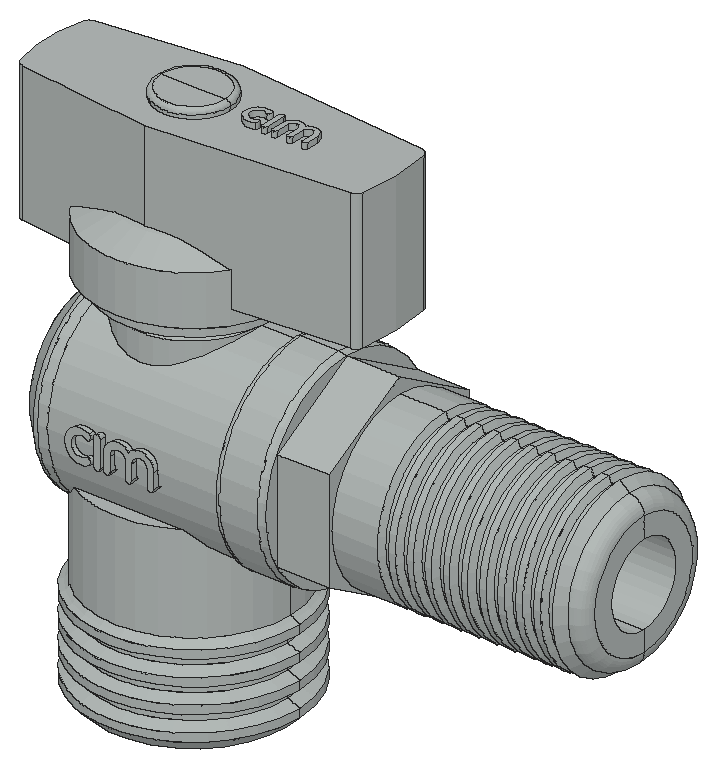
Revit family "QL20202099", category Apparecchi idraulici, Revit 2020
Family settings
  Quota connettore circolare = Usa diametro
  Tipo di parte = Normale
  Numero OmniClass = 23.45.00.00
  Titolo OmniClass = Sanitary, Laundry, and Cleaning Equipment
  Basato su piano di lavoro = No
  Sempre verticale = Sì
  Taglio con vuoti quando caricato = No
  Condiviso = No
  Punto di calcolo locali = No
Parameters
  URL = "https://web.cimberio.com/index.php/figura/461?subcategoria_id="
  Temperatura di esercizio = "-10 ÷ 90°C"
  Prospetto di default = 0 mm
  Produttore = "CIMBERIO SPA"
  Pressione nominale = "PN 16"
  Modello = "Cim 39L"
  Materiale = "Prodotto in lega di ottone conforme alla norma EN 12165-CW617N-DW"
  Descrizione = "Utilizzato per impianti idrici ed igienico-sanitari"
  DN [instance] = 10 mm
  Commenti sul tipo = "Realizzato in ottemperanza ai requisiti gestionali della norma EN ISO 9001.\r\nCollaudato al 100% secondo la normativa EN 12266-1"
Reference planes
  plane 1 "Centro (Fronte/Retro)": y = 0
  plane 2: z = 0
  plane 3 "Centro (Sinistra/Destra)": x = 0
Forms (mm)
  Revolve 1, solid, material "Cim_Lega di ottone"
    sketch origin (0, 0, 0) x (1, 0, 0) y (0, 0, 1)
      loop
        line (-13, 0) -> (-9.586, 0) -> (-9.586, 5) -> (12.5, 5) -> (12.5, 12) -> (-8.4, 12) -> (-9.586, 12)
        arc (-9.586, 12) -> (-9.968, 11.924) -> (-10.293, 11.707) r 1
        line (-10.293, 11.707) -> (-12.707, 9.293)
        arc (-12.707, 9.293) -> (-12.924, 8.968) -> (-13, 8.586) r 1
        line (-13, 8.586) -> (-13, 0)
      axis (-13, 0) -> (12.5, 0)
    angle from 0 to 360
  Revolve 2, solid, material "Cim_Lega di ottone"
    sketch origin (0, 0, 0) x (1, 0, 0) y (0, 0, 1)
      loop
        line (12.5, 5) -> (18.8, 5) -> (18.8, 12.363)
        arc (18.8, 12.363) -> (18.307, 12.39) -> (17.826, 12.5) r 2.912
        line (17.826, 12.5) -> (13.14, 12.5)
        arc (13.14, 12.5) -> (12.692, 12.356) -> (12.5, 11.926) r 0.578
        line (12.5, 11.926) -> (12.5, 5)
      axis (12.5, 0) -> (18.8, 0)
    angle from 0 to 360
  Extrusion 3, solid, material "Cim_Lega di ottone"
    sketch origin (0, 0, 0) x (0, 1, 0) y (0, 0, 1)
      loop
        circle (0, 0) r 5
      loop
        line (0, 12.35) -> (-10.695, 6.175) -> (-10.695, -6.175) -> (0, -12.35) -> (10.695, -6.175) -> (10.695, 6.175) -> (0, 12.35)
    from 18.8 to 25.3
  Revolve 4, solid, material "Cim_Lega di ottone"
    sketch origin (0, 0, 0) x (1, 0, 0) y (0, 0, 1)
      loop
        line (25.3, 5) -> (55.3, 5) -> (55.3, 7.504)
        arc (55.3, 7.504) -> (54.75, 8.839) -> (53.42, 9.403) r 1.9
        line (53.42, 9.403) -> (52.407, 10.475) -> (52.132, 9.719) -> (51.341, 9.719) -> (50.972, 10.475) -> (50.182, 10.475) -> (49.907, 9.719) -> (49.116, 9.719) -> (48.747, 10.475) -> (47.957, 10.475) -> (47.682, 9.719) -> (46.891, 9.719) -> (46.522, 10.475) -> (45.732, 10.475) -> (45.457, 9.719) -> (44.666, 9.719) -> (44.297, 10.475) -> (43.507, 10.475) -> (43.232, 9.719) -> (42.441, 9.719) -> (42.072, 10.475) -> (41.282, 10.475) -> (41.007, 9.719) -> (40.216, 9.719) -> (39.847, 10.475) -> (39.057, 10.475) -> (38.782, 9.719) -> (37.991, 9.719) -> (37.622, 10.475) -> (36.832, 10.475) -> (36.557, 9.719) -> (35.766, 9.719) -> (35.397, 10.475) -> (34.607, 10.475) -> (34.332, 9.719) -> (33.54, 9.719) -> (33.172, 10.475) -> (32.382, 10.475) -> (32.107, 9.719) -> (31.315, 9.719) -> (30.947, 10.475) -> (25.3, 10.475) -> (25.3, 5)
      axis (25.3, 0) -> (55.3, 0)
    angle from 0 to 360
  Revolve 5, solid, material "Cim_Lega di ottone"
    sketch origin (0, 0, 0) x (1, 0, 0) y (0, 0, 1)
      loop
        line (-5, -31) -> (-5, -6.638) -> (-12, -6.638) -> (-12, -18.557)
        arc (-12, -18.557) -> (-12.467, -18.975) -> (-13, -19.306) r 3.59
        line (-13, -19.306) -> (-13, -20.309) -> (-11.543, -20.927) -> (-11.543, -21.751) -> (-13, -22.37) -> (-13, -23.373) -> (-11.543, -23.991) -> (-11.543, -24.815) -> (-13, -25.434) -> (-13, -26.436) -> (-11.543, -27.055) -> (-11.543, -27.879) -> (-13, -28.498) -> (-13, -29.5) -> (-11.5, -31) -> (-5, -31)
      axis (0, -6.638) -> (0, -31)
    angle from 0 to 360
  Revolve 6, solid, material "Cim_Lega di ottone"
    sketch origin (0, 0, 0) x (1, 0, 0) y (0, 0, 1)
      loop
        arc (-7.391, 12.998) -> (-7.633, 12.333) -> (-8.247, 11.979) r 1.035
        line (-8.247, 11.979) -> (-8.247, 7.112) -> (-5, 7.112) -> (-5, 19.79) -> (-7.391, 19.79) -> (-7.391, 12.998)
      axis (0, 19.79) -> (0, 7.112)
    angle from 0 to 360
  Revolve 7, solid, material "Cim_Lega di ottone"
    sketch origin (0, 0, 0) x (1, 0, 0) y (0, 0, 1)
      loop
        line (-10.305, 13.55) -> (-5.617, 13.55) -> (-5.617, 14.55) -> (0, 14.55) -> (0, 24.481)
        arc (0, 24.481) -> (-6.148, 23.796) -> (-11.9, 21.522) r 23.363
        line (-11.9, 21.522) -> (-11.9, 15.416) -> (-10.305, 14.495) -> (-10.305, 13.55)
      axis (0, 24.481) -> (0, 13.55)
    angle from 0 to 360
  Revolve 8, solid, material "Cim_Lega di ottone"
    sketch origin (0, 0, 0) x (1, 0, 0) y (0, 0, 1)
      loop
        line (0, 33.859) -> (4.504, 33.859) -> (4.504, 34.748)
        arc (4.504, 34.748) -> (4.348, 35.172) -> (3.933, 35.35) r 0.572
        line (3.933, 35.35) -> (0, 35.35) -> (0, 33.859)
      axis (0, 35.35) -> (0, 33.859)
    angle from 0 to 360
  Extrusion 9, solid, material "Cim_Lega di ottone"
    sketch origin (0, 0, 0) x (1, 0, 0) y (0, 0, 1)
      loop
        arc (-2.78, 1.616) -> (-5.821, -0.091) -> (-2.78, -1.799) r 2
        arc (-2.78, -1.799) -> (-2.647, -1.249) -> (-3.196, -1.116) r 0.4
        arc (-3.196, -1.116) -> (-5.021, -0.091) -> (-3.196, 0.933) r 1.2
        arc (-3.196, 0.933) -> (-2.647, 1.066) -> (-2.78, 1.616) r 0.4
      loop
        line (-2.22, 1.509) -> (-2.22, -1.691)
        arc (-2.22, -1.691) -> (-1.82, -2.091) -> (-1.42, -1.691) r 0.4
        line (-1.42, -1.691) -> (-1.42, 1.509)
        arc (-1.42, 1.509) -> (-1.82, 1.909) -> (-2.22, 1.509) r 0.4
      loop
        line (-1.02, 0.17) -> (-1.02, -1.691)
        arc (-1.02, -1.691) -> (-0.62, -2.091) -> (-0.22, -1.691) r 0.4
        line (-0.22, -1.691) -> (-0.22, 0.17)
        arc (-0.22, 0.17) -> (0.719, 1.109) -> (1.659, 0.17) r 0.939
        line (1.659, 0.17) -> (1.659, -1.691)
        arc (1.659, -1.691) -> (2.059, -2.091) -> (2.459, -1.691) r 0.4
        line (2.459, -1.691) -> (2.459, 0.17)
        arc (2.459, 0.17) -> (3.398, 1.109) -> (4.337, 0.17) r 0.939
        line (4.337, 0.17) -> (4.337, -1.691)
        arc (4.337, -1.691) -> (4.737, -2.091) -> (5.137, -1.691) r 0.4
        line (5.137, -1.691) -> (5.137, 0.17)
        arc (5.137, 0.17) -> (3.987, 1.806) -> (2.059, 1.279) r 1.739
        arc (2.059, 1.279) -> (0.13, 1.806) -> (-1.02, 0.17) r 1.739
    from 8 to 12.5
  Extrusion 10, solid, material "Cim_Lega di ottone"
    sketch origin (0, 0, 0) x (1, 0, 0) y (0, 1, 0)
      loop
        arc (-17.356, 4.772) -> (-18, -0.042) -> (-17.334, -4.852) r 18
        arc (-17.334, -4.852) -> (-17.02, -5.343) -> (-16.487, -5.576) r 1
        line (-16.487, -5.576) -> (0, -7.5) -> (23.658, -5.5)
        arc (23.658, -5.5) -> (24.243, -5.247) -> (24.556, -4.691) r 1
        arc (24.556, -4.691) -> (25, 0) -> (24.556, 4.691) r 25
        arc (24.556, 4.691) -> (24.243, 5.247) -> (23.658, 5.5) r 1
        line (23.658, 5.5) -> (0, 7.5) -> (-16.512, 5.5)
        arc (-16.512, 5.5) -> (-17.045, 5.265) -> (-17.356, 4.772) r 1
    from 17.32 to 34.35
  Extrusion 11, solid, material "Cim_Lega di ottone"
    sketch origin (0, 0, 0) x (1, 0, 0) y (0, 1, 0)
      loop
        arc (8.698, 1.333) -> (6.37, 0.003) -> (8.698, -1.326) r 1.544
        arc (8.698, -1.326) -> (8.807, -0.903) -> (8.384, -0.794) r 0.309
        arc (8.384, -0.794) -> (6.988, 0.003) -> (8.384, 0.801) r 0.926
        arc (8.384, 0.801) -> (8.807, 0.91) -> (8.698, 1.333) r 0.309
      loop
        line (9.457, 1.238) -> (9.457, -1.231)
        arc (9.457, -1.231) -> (9.766, -1.54) -> (10.075, -1.232) r 0.309
        line (10.075, -1.232) -> (10.075, 1.238)
        arc (10.075, 1.238) -> (9.766, 1.547) -> (9.457, 1.238) r 0.309
      loop
        arc (12.853, 1.129) -> (11.49, 1.467) -> (10.692, 0.311) r 1.235
        line (10.692, 0.311) -> (10.692, -1.231)
        arc (10.692, -1.231) -> (11.001, -1.54) -> (11.309, -1.231) r 0.309
        line (11.309, -1.231) -> (11.309, 0.312)
        arc (11.309, 0.312) -> (11.927, 0.93) -> (12.544, 0.312) r 0.617
        line (12.544, 0.312) -> (12.544, -1.231)
        arc (12.544, -1.231) -> (12.853, -1.54) -> (13.162, -1.232) r 0.309
        line (13.162, -1.232) -> (13.162, 0.312)
        arc (13.162, 0.312) -> (13.779, 0.93) -> (14.396, 0.312) r 0.617
        line (14.396, 0.312) -> (14.396, -1.231)
        arc (14.396, -1.231) -> (14.705, -1.54) -> (15.014, -1.231) r 0.309
        line (15.014, -1.231) -> (15.014, 0.312)
        arc (15.014, 0.312) -> (14.216, 1.467) -> (12.853, 1.129) r 1.235
    from 34.35 to 35
Dimensions and locks
  aligned and locked: level to plane 2
Connectors
  piping at (55.3, 0, 0), diameter 10, driven by "DN"
    settings: on Revolve 4, index 1, connector inside diameter 609.6 mm, connector length 0 mm, flow factor 0, pipe flow 0.0 L/s, pressure drop 0.0 Pa, fitting loss kfactor 0, connector angle 0.00°, fixture units 0, engagement length 0 mm, angle of deflection 0.00°, flow configuration 0, flow direction 0, fitting loss method 0, system type 7, joint type 0, gender type 0, connector reference index -1, connector utility 0, adjustable connector no, is connector primary yes, connector description ""
  piping at (0, 0, -31), diameter 10, driven by "DN"
    settings: on Revolve 5, index 2, connector inside diameter 609.6 mm, connector length 0 mm, flow factor 0, pipe flow 0.0 L/s, pressure drop 0.0 Pa, fitting loss kfactor 0, connector angle 0.00°, fixture units 0, engagement length 0 mm, angle of deflection 0.00°, flow configuration 0, flow direction 0, fitting loss method 0, system type 7, joint type 0, gender type 0, connector reference index -1, connector utility 0, adjustable connector no, is connector primary no, connector description ""
